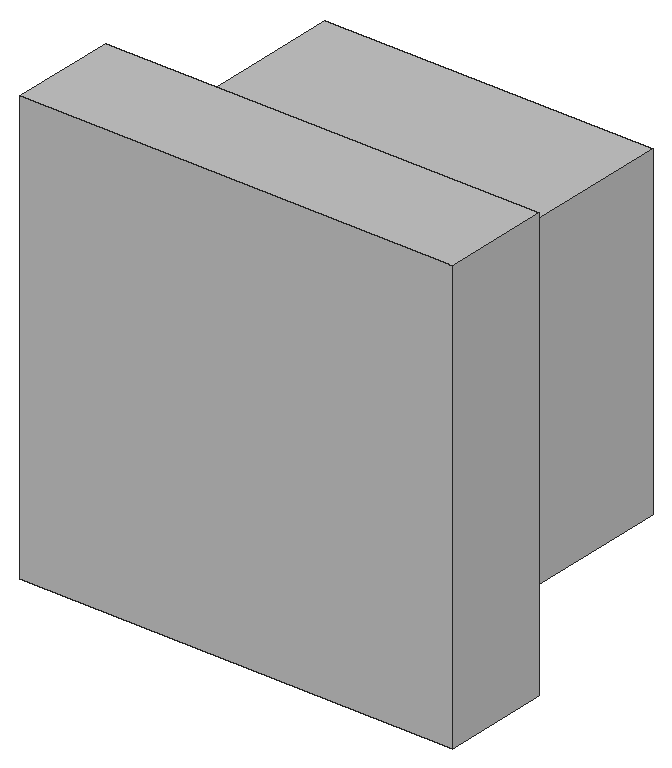
Revit family "efg-20_40ksb2-c_w_60Hz", category 機械設備, Revit 2019
Family settings
  丸型コネクタ寸法 = 直径を使用
  パーツ タイプ = 標準
  OmniClass 番号 = 23.75.35.21.17
  OmniClass タイトル = Industrial Ventilating Equipment
  作業面ベース = いいえ
  常に垂直 = はい
  ロード時にボイドで切り取り = はい
  共有 = いいえ
  部屋計算ポイント = はい
Parameters (values of type "EFG-20KSB2-C")
  騒音レベル(dB(A)) [instance] = 36.5
  風量 [instance] = 640.0 m³/h
  電源種別 [instance] = ""
  電圧 = 100 V
  電動機出力 = 15 W
  電動機_種別 [instance] = ""
  運転質量 = 0.00 kg
  連動 [instance] = ""
  質量 = if(製品質量 > 運転質量, 製品質量, 運転質量) * 1.2  # 6.36 kg
  負荷分類 = 3_ファン類
  説明 = "業務用有圧換気扇 店舗用 格子タイプ"
  設計風量 [instance] = 0.0 m³/h
  設置方法 = "壁付"
  記号 [instance] = ""
  製造元 = "三菱電機株式会社"
  製品質量 = 5.30 kg
  製品出荷対象 = "国内"
  製品リリース年月 = "2022年6月1日"
  製品グループ = ""
  羽根径 = "∅200"
  系統 [instance] = ""
  符号 [instance] = if(☑給気／□排気, "FS", "FE")  # "FE"
  積算_科目 = ""
  積算_拾い区分 [instance] = ""
  相 = 1
  盤記号 [instance] = ""
  盤工事区分 = ""
  発停方法 [instance] = ""
  特殊仕様 [instance] = ""
  火災停止 [instance] = ""
  消費電力 = 20 W
  法定耐用年数 = "15"
  極数 = 2
  極 = 4
  材質 [instance] = ""
  操作・制御方式 = ""
  操作・制御スイッチ = ""
  排気量 [instance] = if(☑給気／□排気, 0.0 m³/h, 設計風量)  # 0.0 m³/h
  形式 = ""
  幹線記号 [instance] = ""
  対象室 [instance] = ""
  実風量 [instance] = 0.0 m³/h
  始動方式 [instance] = "直入"
  外気量 [instance] = if(☑給気／□排気, 設計風量, 0.0 m³/h)  # 0.0 m³/h
  呼称 = "有圧扇"
  周波数 = 60 Hz
  参照している仕様書等のバージョン = ""
  分類コード = "50052503100110"
  分類グループ = ""
  価格 = 63800
  企業コード = "108420"
  付属品_防振装置 = ""
  付属品 [instance] = ""
  仕様書バージョン = "Version1.0"
  モデル = "EFG-20KSB2-C"
  ファンの種類 = "軸流羽根"
  コメント [instance] = ""
  Keynote = ""
  ☑給気／□排気 [instance] = no
  Width = 322 mm
  W1 = 244 mm
  Version = ""
  Uniclass2015Version = "Systems v1.9"
  Uniclass2015Title = "Propeller fans"
  Uniclass2015Code = "Pr_65_67_29_67"
  URL = "https://www.mitsubishielectric.co.jp/ldg/wink/ssl/displayProduct.do?pid=318501"
  SpecificationReference = ""
  SpecificationDescription = ""
  Revision = ""
  ProductInformation = ""
  OmniClassCode = "23-33 31 19 11 17"
  MIN風量 = 490.0 m³/h
  MID風量 = 0.0 m³/h
  MAX風量 = 640.0 m³/h
  IfcTypeProduct = ""
  IfcProduct = ""
  IfcExportType = "TUBEAXIAL"
  IfcExportAs = "IfcFanType"
  Height = 322 mm
  H1 = 244 mm
  Depth = 235 mm
  D1 = 155 mm
  Author = "三菱電機株式会社"
Types (8, lengths in mm): name | 騒音レベル(dB(A)) | 風量 | 電動機出力 | 質量 | 製品質量 | 羽根径 | 消費電力 | 価格 | モデル | Width | W1 | URL | MIN風量 | MAX風量 | Height | H1 | Depth | D1
  EFG-20KSB2-W | 36.5 | 640.0 m³/h | 15 W | 6.36 kg | 5.30 kg | "∅200" | 20 W | 63800 | "EFG-20KSB2-W" | 322 | 244 | "https://www.mitsubishielectric.co.jp/ldg/wink/ssl/displayProduct.do?pid=318503" | 490.0 m³/h | 640.0 m³/h | 322 | 244 | 235 | 155
  EFG-20KSB2-C | 36.5 | 640.0 m³/h | 15 W | 6.36 kg | 5.30 kg | "∅200" | 20 W | 63800 | "EFG-20KSB2-C" | 322 | 244 | "https://www.mitsubishielectric.co.jp/ldg/wink/ssl/displayProduct.do?pid=318501" | 490.0 m³/h | 640.0 m³/h | 322 | 244 | 235 | 155
  EFG-25KSB2-W | 41 | 1210.0 m³/h | 25 W | 6.72 kg | 5.60 kg | "∅250" | 40 W | 68600 | "EFG-25KSB2-W" | 372 | 294 | "https://www.mitsubishielectric.co.jp/ldg/wink/ssl/displayProduct.do?pid=318508" | 950.0 m³/h | 1210.0 m³/h | 372 | 294 | 245 | 155
  EFG-25KSB2-C | 41 | 1210.0 m³/h | 25 W | 6.72 kg | 5.60 kg | "∅250" | 40 W | 68600 | "EFG-25KSB2-C" | 372 | 294 | "https://www.mitsubishielectric.co.jp/ldg/wink/ssl/displayProduct.do?pid=318506" | 950.0 m³/h | 1210.0 m³/h | 372 | 294 | 245 | 155
  EFG-30KSB2-W | 47 | 1860.0 m³/h | 50 W | 8.40 kg | 7.00 kg | "∅300" | 60 W | 83500 | "EFG-30KSB2-W" | 422 | 344 | "https://www.mitsubishielectric.co.jp/ldg/wink/ssl/displayProduct.do?pid=318567" | 1310.0 m³/h | 1860.0 m³/h | 422 | 344 | 265 | 155
  EFG-30KSB2-C | 47 | 1860.0 m³/h | 50 W | 8.40 kg | 7.00 kg | "∅300" | 60 W | 83500 | "EFG-30KSB2-C" | 422 | 344 | "https://www.mitsubishielectric.co.jp/ldg/wink/ssl/displayProduct.do?pid=318565" | 1310.0 m³/h | 1860.0 m³/h | 422 | 344 | 265 | 155
  EFG-35KSB2-W | 50 | 2530.0 m³/h | 100 W | 12.72 kg | 10.60 kg | "∅350" | 108 W | 121000 | "EFG-35KSB2-W" | 484 | 399 | "https://www.mitsubishielectric.co.jp/ldg/wink/ssl/displayProduct.do?pid=318572" | 1950.0 m³/h | 2530.0 m³/h | 484 | 399 | 275 | 155
  EFG-40KSB2-W | 54.5 | 3500.0 m³/h | 150 W | 20.52 kg | 17.10 kg | "∅400" | 175 W | 156000 | "EFG-40KSB2-W" | 520 | 423 | "https://www.mitsubishielectric.co.jp/ldg/wink/ssl/displayProduct.do?pid=318577" | 2700.0 m³/h | 3500.0 m³/h | 520 | 423 | 341 | 159
Reference planes
  plane 1 "中心(正面/背面)": y = 0
  plane 2: z = 0
  plane 3 "中心(左/右)": x = 0
  plane 4: z = 0
  plane 5: through (-212.884, -1524, -243.751) normal (0.6508, 0, 0.7593)
  plane 6: through (208.307, -1524, -247.63) normal (-0.6508, 0, 0.7593)
  plane 7 "正面": y = -80
  plane 8: through (-208.307, -1524, -247.63) normal (-0.6508, 0, -0.7593)
  plane 9: y = 170
  plane 10: y = 270
  plane 11: x = -161
  plane 12: x = 161
  plane 13: z = 161
  plane 14: x = -122
  plane 15: z = 122
  plane 16: z = -161
  plane 17: z = -122
  plane 18: x = 122
  plane 19: y = 155
Forms (mm)
  Extrusion 1, solid, detail levels fine
    sketch origin (0, 0, 0) x (1, 0, 0) y (0, 0, 1)
      loop
        line (-161, 161) -> (-161, -161) -> (161, -161) -> (161, 161) -> (-161, 161)
    from 0 to 80
  Extrusion 2, solid, detail levels fine
    sketch origin (0, 0, 0) x (1, 0, 0) y (0, 0, 1)
      loop
        line (-122, 122) -> (-122, -122) -> (122, -122) -> (122, 122) -> (-122, 122)
    from -155 to 0
Lines and regions (mm)
  Masking region 1, detail levels coarse+medium
    outline origin (0, 0, 0) x (1, 0, 0) y (0, 1, 0)
      loop
        line (-250, -80) -> (250, -80) -> (250, 170) -> (-250, 170) -> (-250, -80)
  Masking region 2, detail levels coarse+medium
    outline origin (0, 0, 0) x (1, 0, 0) y (0, 1, 0)
      loop
        line (-124, 170) -> (124, 170) -> (124, 270) -> (-124, 270) -> (-124, 170)
  symbolic lines, detail levels coarse+medium
    curve 1: circle (124, -86, 0) r 115 normal (0, 0, 1)
    curve 2: circle (-124, -86, 0) r 115 normal (0, 0, -1)
Dimensions and locks
  level to plane 4 = 0 mm
  plane 7 "正面" to plane 9 to plane 10 = 250 mm locked, 100 mm locked
  equal spacing: plane 18, plane 3 "中心(左/右)", plane 14
  "W1": plane 18 to plane 14
  equal spacing: plane 12, plane 3 "中心(左/右)", plane 11
  "Width": plane 12 to plane 11
  equal spacing: plane 15, level, plane 17
  "H1": plane 15 to plane 17
  equal spacing: plane 13, level, plane 16
  "Height": plane 13 to plane 16
  "D1": plane 1 "中心(正面/背面)" to plane 19
  "Depth": plane 7 "正面" to plane 19
  aligned and locked: level to plane 2
  aligned and locked: plane 7 "正面" to Masking region 1 sketch curve
  aligned and locked: plane 9 to Masking region 1 sketch curve
  aligned and locked: Masking region 2 sketch curve to plane 9
  aligned and locked: plane 10 to Masking region 2 sketch curve
  aligned and locked: Extrusion 1 sketch curve to plane 13
  aligned and locked: plane 11 to Extrusion 1 sketch curve
  aligned and locked: Extrusion 1 sketch curve to plane 16
  aligned and locked: plane 12 to Extrusion 1 sketch curve
  aligned and locked: Extrusion 2 sketch curve to plane 15
  aligned and locked: plane 14 to Extrusion 2 sketch curve
  aligned and locked: Extrusion 2 sketch curve to plane 17
  aligned and locked: plane 18 to Extrusion 2 sketch curve
  aligned and locked: plane 19 to Extrusion 2
  aligned and locked: plane 1 "中心(正面/背面)" to Extrusion 2
  aligned and locked: plane 7 "正面" to Extrusion 1
  aligned and locked: Extrusion 1 to plane 1 "中心(正面/背面)"
Automatic sketch dimensions
  curve 2 to plane 3 "中心(左/右)" = 124 mm
  plane 3 "中心(左/右)" to curve 1 = 124 mm
  Masking region 1 sketch curve to plane 3 "中心(左/右)" = 250 mm
  plane 3 "中心(左/右)" to Masking region 1 sketch curve = 250 mm
  Masking region 2 sketch curve to plane 3 "中心(左/右)" = 124 mm
  plane 3 "中心(左/右)" to Masking region 2 sketch curve = 124 mm
  plane 7 "正面" to curve 2 = 6 mm
  plane 7 "正面" to curve 1 = 6 mm
  radius of curve 1 = 115 mm
  radius of curve 2 = 115 mm
Connectors
  electrical at (-161, -40, 0), driven by "極数", driven by "負荷分類", driven by "電圧", driven by "消費電力"
    settings: on Extrusion 1, index 1, voltage 100 V, apparent load 20 VA, apparent load phase1 0 VA, apparent load phase2 0 VA, apparent load phase3 0 VA, power factor 1, load classification "3_ファン類", number of poles 2, system type 30, power factor state 1, is connector primary yes, connector utility no, sub classification motor no, connector description ""
